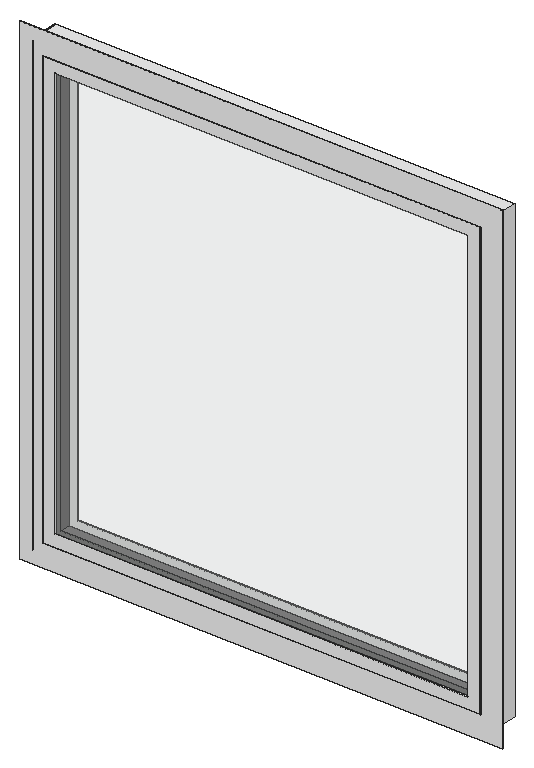
Revit family "Casement_28_C_Side_Hung_Custom", category Windows, host Wall, Revit 2014
Parameters (values of type "Casement_Sash_DG")
  Width Sash [instance] = 30 mm
  Width Sash Inner = 15 mm
  Width Bead = 15 mm
  Top Hung [instance] = yes
  Side Hung Right [instance] = yes
  Side Hung Left [instance] = yes
  Sash Opening Width [instance] = 600 mm
  Sash Opening Height [instance] = 600.312 mm
  Sash Lip = 15 mm
  Glazing Material [instance] = Glass
  DG Start Piece 2 [instance] = DG End Piece 1 + DG Gasket Thickness  # 25 mm
  DG Start Peice 1 [instance] = (Depth Sash - (2 * DG Glazing Thickness) - DG Gasket Thickness) / 2  # 6.6 mm
  Glazing Offset = 5 mm
  DG Glazing Thickness [instance] = 6.4 mm
  DG Gasket Thickness = 12 mm  # constant formula
  DG Gasket Material [instance] = Double Glazing Gasket Material
  DG End Piece 2 [instance] = DG Start Piece 2 + DG Glazing Thickness  # 31.4 mm
  DG End Piece 1 [instance] = DG Start Peice 1 + DG Glazing Thickness  # 13 mm
  Depth Sash [instance] = 38 mm
  Center Vertical Sash [instance] = Sash Opening Height / 2  # 300.156 mm
  Center Horizontal Sash [instance] = Sash Opening Width / 2  # 300 mm
  Bottom Hung [instance] = yes
  Bead Offset = 15 mm
  Aluminium Thickness = 1 mm
  Aluminium Material [instance] = White Powder Coated Aluminium
Reference planes
  plane 1 "Center (Front/Back)": y = 0
  plane 2: z = 0
  plane 3 "Center (Left/Right)": x = 0
Forms (mm)
  Sweep 1, solid, material "White Powder Coated Aluminium" <- "Aluminium Material"
    path origin (16.177, 0, 121.331) x (1, 0, 0) y (0, 0, 1)
      loop
        line (0, 0) -> (600, 0) -> (600, 600.312) -> (0, 600.312) -> (0, 0)
    profile origin (316.177, 0, 121.331) x (0, 0, 1) y (0, -1, 0)
      loop
        line (0, 0) -> (30, 0) -> (30, 1) -> (15, 1) -> (15, 38) -> (-15, 38) -> (-15, 37) -> (0, 37) -> (0, 0)
      loop
        line (14, 1) -> (14, 37) -> (1, 37) -> (1, 1) -> (14, 1)
  Sweep 2, solid, material "White Powder Coated Aluminium" <- "Aluminium Material"
    path origin (0, 0, 0) x (1, 0, 0) y (0, 0, 1)
      loop
        line (31.177, 706.643) -> (31.177, 136.331) -> (601.177, 136.331) -> (601.177, 706.643) -> (31.177, 706.643)
    profile origin (316.177, 0, 706.643) x (0, 0, 1) y (0, -1, 0)
      loop
        line (0, 37) -> (0, 38) -> (-15, 38) -> (-15, 37) -> (0, 37)
  Extrusion 3, solid, material "Glass" <- "Glazing Material"
    sketch origin (0, 0, 0) x (1, 0, 0) y (0, 0, 1)
      loop
        line (36.177, 701.643) -> (36.177, 141.331) -> (596.177, 141.331) -> (596.177, 701.643) -> (36.177, 701.643)
    from 6.6 <- "DG Start Peice 1" to 13 <- "DG End Piece 1"
  Extrusion 4, solid, material "Glass" <- "Glazing Material"
    sketch origin (0, 0, 0) x (1, 0, 0) y (0, 0, 1)
      loop
        line (36.177, 701.643) -> (36.177, 141.331) -> (596.177, 141.331) -> (596.177, 701.643) -> (36.177, 701.643)
    from 31.4 <- "DG End Piece 2" to 25 <- "DG Start Piece 2"
  Sweep 5, solid, material "Double Glazing Gasket Material" <- "DG Gasket Material"
    path origin (0, -13, 0) x (1, 0, 0) y (0, 0, 1)
      loop
        line (36.177, 701.643) -> (36.177, 141.331) -> (596.177, 141.331) -> (596.177, 701.643) -> (36.177, 701.643)
    profile origin (316.177, -13, 701.643) x (0, 0, 1) y (0, -1, 0)
      loop
        line (0, 0) -> (0, 12) -> (-7.96, 12) -> (-7.96, 0) -> (0, 0)
Lines and regions (mm)
  model lines
    curve 1: line (1.177, -38, 736.643) -> (31.177, -38, 706.643)
    curve 2: line (601.177, -38, 706.643) -> (631.177, -38, 736.643)
    curve 3: line (601.177, -38, 136.331) -> (631.177, -38, 106.331)
    curve 4: line (1.177, -38, 106.331) -> (31.177, -38, 136.331)
    curve 5: line (631.177, -37, 736.643) -> (616.177, -37, 721.643)
    curve 6: line (1.177, -37, 736.643) -> (16.177, -37, 721.643)
    curve 7: line (1.177, -37, 106.331) -> (16.177, -37, 121.331)
    curve 8: line (631.177, -37, 106.331) -> (616.177, -37, 121.331)
    curve 9: line (616.177, 0, 121.331) -> (586.177, 0, 151.331)
    curve 10: line (46.177, 0, 151.331) -> (16.177, 0, 121.331)
    curve 11: line (616.177, 0, 721.643) -> (586.177, 0, 691.643)
    curve 12: line (46.177, 0, 691.643) -> (16.177, 0, 721.643)
    curve 13: line (31.177, -38, 691.643) -> (46.177, -38, 691.643)
    curve 14: line (586.177, -38, 691.643) -> (601.177, -38, 691.643)
    curve 15: line (586.177, -38, 151.331) -> (601.177, -38, 151.331)
    curve 16: line (31.177, -38, 151.331) -> (46.177, -38, 151.331)
  model lines, style "GenericModelHiddenLines", visible <- "Top Hung"
    curve 17: line (46.386, -31.4, 690.914) -> (316.177, -31.4, 151.331)
    curve 18: line (316.177, -31.4, 151.331) -> (586.177, -31.4, 691.331)
  model lines, style "GenericModelHiddenLines", visible <- "Bottom Hung"
    curve 19: line (46.177, -31.4, 151.331) -> (316.177, -31.4, 691.331)
    curve 20: line (316.177, -31.4, 691.331) -> (586.177, -31.4, 151.331)
  model lines, style "GenericModelHiddenLines", visible <- "Side Hung Left"
    curve 21: line (46.386, -31.4, 690.914) -> (585.24, -31.4, 421.487)
    curve 22: line (585.24, -31.4, 421.487) -> (46.177, -31.4, 151.331)
  model lines, style "GenericModelHiddenLines", visible <- "Side Hung Right"
    curve 23: line (586.177, -31.4, 691.331) -> (46.177, -31.4, 421.487)
    curve 24: line (46.177, -31.4, 421.487) -> (586.177, -31.4, 151.331)
Dimensions and locks
  "Aluminium Thickness": Sweep 1 sketch curve to Sweep 1 sketch curve  (x4)
  "Depth Sash": Sweep 1 sketch curve to Sweep 1 sketch curve
  "Sash Opening Width": Sweep 1 to Sweep 1
  "Sash Opening Height": Sweep 1 to Sweep 1
  "Width Sash": Sweep 1 sketch curve to Sweep 1 sketch curve  (x2)
  "Width Sash Inner": Sweep 1 sketch curve to Sweep 1 sketch curve
  "Sash Lip": Sweep 1 sketch curve to Sweep 1 sketch curve
  "Aluminium Thickness": Sweep 1 to Sweep 2 sketch curve
  "Glazing Offset": Sweep 2 to Extrusion 3 sketch curve  (x3)
  "Glazing Offset": Extrusion 3 sketch curve to Sweep 2
  Sweep 1 to Sweep 1 = 1 mm
  "Aluminium Thickness": Sweep 2 sketch curve to Sweep 2 sketch curve
  "Width Bead": Sweep 2 sketch curve to Sweep 2 sketch curve
  locked: Sweep 5 sketch curve to Sweep 5 sketch curve at 7.96
  "Center Horizontal Sash": Sweep 1 to curve 18
  "Center Horizontal Sash": Sweep 1 to curve 20
  "Center Vertical Sash": Sweep 1 to curve 22
  "Center Vertical Sash": Sweep 1 to curve 24
  aligned and locked: level to plane 2
  aligned and locked: Sweep 1 sketch curve to Sweep 1 sketch curve  (x2)
  aligned and locked: Sweep 2 sketch curve to Sweep 1  (x5)
  aligned and locked: Extrusion 4 sketch curve to Extrusion 3  (x4)
  aligned and locked: Sweep 5 sketch curve to Extrusion 3  (x5)
  aligned and locked: Extrusion 3 to Sweep 5 sketch curve
Automatic sketch dimensions
  plane 3 "Center (Left/Right)" to Sweep 1 sketch curve = 16.177 mm
  level to Sweep 1 sketch curve = 121.331 mm
  plane 3 "Center (Left/Right)" to Sweep 1 sketch curve = 616.177 mm
  level to Sweep 1 sketch curve = 721.643 mm
  profile plane to Sweep 5 sketch curve = 12 mm
  curve 7 to Sweep 1 = 0 mm  (x4)
  curve 6 to Sweep 1 = 0 mm  (x3)
  Sweep 1 to curve 6 = 0 mm
  curve 5 to Sweep 1 = 0 mm  (x3)
  curve 8 to Sweep 1 = 0 mm  (x4)
  Sweep 1 to curve 5 = 0 mm
  curve 16 to Sweep 2 = 0 mm  (x3)
  curve 13 to Sweep 2 = 0 mm  (x3)
  curve 15 to Sweep 2 = 0 mm
  Sweep 2 to curve 15 = 0 mm  (x2)
  curve 14 to Sweep 2 = 0 mm  (x2)
  Sweep 2 to curve 14 = 0 mm
  curve 1 to Sweep 1 = 0 mm  (x4)
  curve 4 to Sweep 1 = 0 mm  (x3)
  Sweep 1 to curve 4 = 0 mm
  curve 3 to Sweep 1 = 0 mm  (x3)
  curve 2 to Sweep 1 = 0 mm  (x4)
  Sweep 1 to curve 3 = 0 mm
  curve 10 to Sweep 1 = 0 mm  (x4)
  curve 12 to Sweep 1 = 0 mm  (x3)
  Sweep 1 to curve 12 = 0 mm
  curve 9 to Sweep 1 = 0 mm  (x4)
  curve 11 to Sweep 1 = 0 mm  (x3)
  Sweep 1 to curve 11 = 0 mm
  Sweep 1 sketch curve to plane 1 "Center (Front/Back)" = 0 mm
  profile plane to Sweep 1 sketch curve = 0 mm
  curve 21 to Extrusion 4 = 10.208 mm
  curve 19 to Extrusion 4 = 10 mm
  curve 23 to Extrusion 4 = 10 mm  (x2)
  curve 22 to Extrusion 4 = 10.937 mm
  curve 20 to Extrusion 4 = 10 mm
  curve 24 to Extrusion 4 = 10 mm
  curve 22 to Extrusion 4 = 10 mm
  curve 18 to Extrusion 4 = 10 mm
  curve 21 to Extrusion 4 = 10.729 mm
  curve 19 to Extrusion 4 = 10.312 mm
  curve 18 to Extrusion 4 = 10.312 mm
